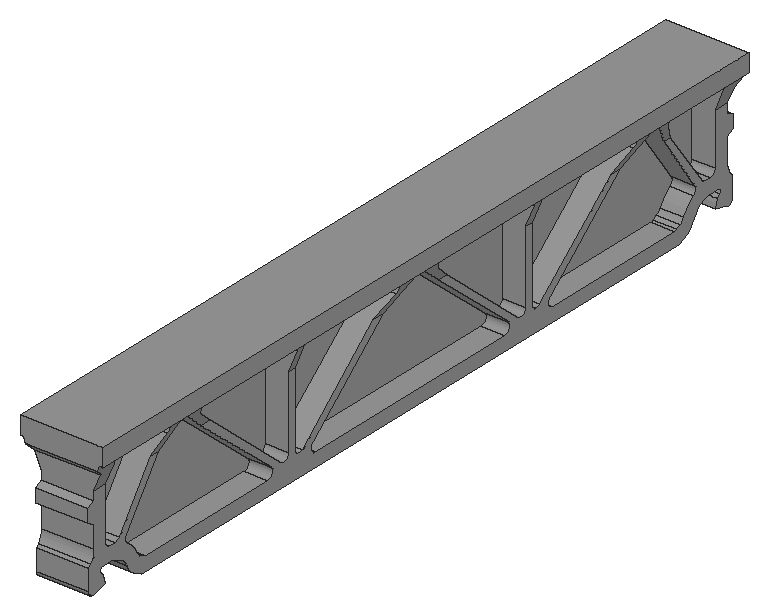
Revit family "CC4_TRANSVERSAL CC TE 0.75_1870040", category Generic Models, Revit 2018
Family settings
  Can host rebar = No
  Round Connector Dimension = Use Diameter
  Part Type = Normal
  OmniClass Number = 35.51.14.00
  OmniClass Title = FORMWORK
  Work Plane-Based = Yes
  Always vertical = No
  Cut with Voids When Loaded = No
  Shared = Yes
  Room Calculation Point = No
Parameters
  VERSION = "20190101"  # constant formula
  URL = "www.ulmaconstruction.com/en"
  UNICLASS = ""
  Manufacturer = "ULMA CONSTRUCTION"  # constant formula
  ITEM_CODE = "1870040"
  FILTER [instance] = ""
  Default Elevation = 0.000 mm
  CLASSIFICATION_TITLE = ""
  CLASSIFICATION_NUMBER = ""
Reference planes
  plane 1 "Centro (Frontal/Posterior)": y = 0
  plane 2: z = 0
  plane 3 "Centro (Izquierda/Derecha)": x = 0
  plane 4 "ITEM_LENGTH": y = 750
Forms (mm)
  Extrusion 1, solid, material "ULMA POLYPROPYLENE BLACK", detail levels fine
    sketch origin (0, 0, 0) x (1, 0, 0) y (0, 0, 1)
      loop
        line (-32.004, -15) -> (-22, -40.002) -> (-22, -125) -> (22, -125) -> (22, -40.002) -> (32.004, -15) -> (35, -15) -> (35, 0) -> (-35, 0) -> (-35, -15) -> (-32.004, -15)
    from -35 to -715
  Extrusion 2, void
    sketch origin (0, 1500, 0) x (0, 1, 0) y (0, 0, 1)
      loop
        line (-1446.75, -22) -> (-1446.75, -84)
        arc (-1446.75, -84) -> (-1445.286, -87.536) -> (-1441.75, -89) r 5
        line (-1441.75, -89) -> (-1435.881, -89)
        arc (-1435.881, -89) -> (-1433.573, -88.435) -> (-1431.786, -86.868) r 5
        line (-1431.786, -86.868) -> (-1388.373, -24.868)
        arc (-1388.373, -24.868) -> (-1388.033, -19.691) -> (-1392.468, -17) r 5
        line (-1392.468, -17) -> (-1441.75, -17)
        arc (-1441.75, -17) -> (-1445.286, -18.464) -> (-1446.75, -22) r 5
      loop
        line (-1378.893, -21.791) -> (-1425.046, -87.704)
        arc (-1425.046, -87.704) -> (-1425.872, -91.454) -> (-1423.795, -94.684) r 5
        arc (-1423.795, -94.684) -> (-1417.962, -99.878) -> (-1413.561, -106.332) r 32
        arc (-1413.561, -106.332) -> (-1411.91, -108.649) -> (-1409.674, -110.408) r 10
        line (-1409.674, -110.408) -> (-1406.344, -112.33)
        arc (-1406.344, -112.33) -> (-1405.138, -112.83) -> (-1403.844, -113) r 5
        line (-1403.844, -113) -> (-1274.968, -113)
        arc (-1274.968, -113) -> (-1270.282, -109.744) -> (-1271.699, -104.217) r 5
        line (-1271.699, -104.217) -> (-1368.583, -20.509)
        arc (-1368.583, -20.509) -> (-1374.023, -18.859) -> (-1378.893, -21.791) r 7
      loop
        line (-1353.301, -25.783) -> (-1261.269, -105.299)
        arc (-1261.269, -105.299) -> (-1255.92, -106.062) -> (-1253, -101.516) r 5
        line (-1253, -101.516) -> (-1253, -22)
        arc (-1253, -22) -> (-1254.464, -18.464) -> (-1258, -17) r 5
        line (-1258, -17) -> (-1350.032, -17)
        arc (-1350.032, -17) -> (-1354.718, -20.256) -> (-1353.301, -25.783) r 5
      loop
        line (-1103.301, -25.783) -> (-1011.269, -105.299)
        arc (-1011.269, -105.299) -> (-1005.92, -106.062) -> (-1003, -101.516) r 5
        line (-1003, -101.516) -> (-1003, -22)
        arc (-1003, -22) -> (-1004.464, -18.464) -> (-1008, -17) r 5
        line (-1008, -17) -> (-1100.032, -17)
        arc (-1100.032, -17) -> (-1104.718, -20.256) -> (-1103.301, -25.783) r 5
      loop
        arc (-803.25, -22) -> (-804.714, -18.464) -> (-808.25, -17) r 5
        line (-808.25, -17) -> (-857.532, -17)
        arc (-857.532, -17) -> (-861.967, -19.691) -> (-861.627, -24.868) r 5
        line (-861.627, -24.868) -> (-818.214, -86.868)
        arc (-818.214, -86.868) -> (-816.427, -88.435) -> (-814.119, -89) r 5
        line (-814.119, -89) -> (-808.25, -89)
        arc (-808.25, -89) -> (-804.714, -87.536) -> (-803.25, -84) r 5
        line (-803.25, -84) -> (-803.25, -22)
      loop
        arc (-871.107, -21.791) -> (-875.977, -18.859) -> (-881.417, -20.509) r 7
        line (-881.417, -20.509) -> (-978.301, -104.217)
        arc (-978.301, -104.217) -> (-979.718, -109.744) -> (-975.032, -113) r 5
        line (-975.032, -113) -> (-846.156, -113)
        arc (-846.156, -113) -> (-844.862, -112.83) -> (-843.656, -112.33) r 5
        line (-843.656, -112.33) -> (-840.326, -110.408)
        arc (-840.326, -110.408) -> (-838.09, -108.649) -> (-836.439, -106.332) r 10
        arc (-836.439, -106.332) -> (-832.038, -99.878) -> (-826.205, -94.684) r 32
        arc (-826.205, -94.684) -> (-824.128, -91.454) -> (-824.954, -87.704) r 5
        line (-824.954, -87.704) -> (-871.107, -21.791)
      loop
        arc (-896.699, -25.783) -> (-895.282, -20.256) -> (-899.968, -17) r 5
        line (-899.968, -17) -> (-992, -17)
        arc (-992, -17) -> (-995.536, -18.464) -> (-997, -22) r 5
        line (-997, -22) -> (-997, -101.516)
        arc (-997, -101.516) -> (-994.08, -106.062) -> (-988.731, -105.299) r 5
        line (-988.731, -105.299) -> (-896.699, -25.783)
      loop
        arc (-1146.699, -25.783) -> (-1145.282, -20.256) -> (-1149.968, -17) r 5
        line (-1149.968, -17) -> (-1242, -17)
        arc (-1242, -17) -> (-1245.536, -18.464) -> (-1247, -22) r 5
        line (-1247, -22) -> (-1247, -101.516)
        arc (-1247, -101.516) -> (-1244.08, -106.062) -> (-1238.731, -105.299) r 5
        line (-1238.731, -105.299) -> (-1146.699, -25.783)
      loop
        line (-1129.576, -18.919) -> (-1228.301, -104.217)
        arc (-1228.301, -104.217) -> (-1229.718, -109.744) -> (-1225.032, -113) r 5
        line (-1225.032, -113) -> (-1024.968, -113)
        arc (-1024.968, -113) -> (-1020.282, -109.744) -> (-1021.699, -104.217) r 5
        line (-1021.699, -104.217) -> (-1120.424, -18.919)
        arc (-1120.424, -18.919) -> (-1125, -17.216) -> (-1129.576, -18.919) r 7
    from 1.5 to 35
  Extrusion 3, void
    sketch origin (0, 750, 0) x (0, 1, 0) y (0, 0, 1)
      loop
        line (-708.75, -26.25) -> (-715, -20) -> (-717, -20) -> (-717, -127) -> (-658.399, -127) -> (-658.399, -125) -> (-666.189, -120.503)
        arc (-666.189, -120.503) -> (-670.762, -116.88) -> (-674.095, -112.091) r 20
        arc (-674.095, -112.091) -> (-681.47, -103.997) -> (-692.001, -101) r 20
        line (-692.001, -101) -> (-699.856, -101)
        arc (-699.856, -101) -> (-702.166, -102.543) -> (-701.624, -105.268) r 2.5
        line (-701.624, -105.268) -> (-699.091, -107.8)
        arc (-699.091, -107.8) -> (-697.924, -111.318) -> (-697.501, -115) r 18
        line (-697.501, -115) -> (-708.965, -118.072)
        arc (-708.965, -118.072) -> (-712.435, -117.381) -> (-714, -114.208) r 4
        line (-714, -114.208) -> (-714, -96.421) -> (-711.759, -93.751)
        arc (-711.759, -93.751) -> (-709.155, -89.239) -> (-708.25, -84.109) r 15
        line (-708.25, -84.109) -> (-708.25, -65.553) -> (-714.75, -61.8) -> (-714.75, -50.8) -> (-708.75, -47.336) -> (-708.75, -26.25)
    from -35 to 35
  Extrusion 4, void
    sketch origin (0, 0, 0) x (0, -1, 0) y (0, 0, -1)
      loop
        line (-708.75, 26.25) -> (-708.75, 47.336) -> (-714.75, 50.8) -> (-714.75, 61.8) -> (-708.25, 65.553) -> (-708.25, 84.109)
        arc (-708.25, 84.109) -> (-709.155, 89.239) -> (-711.759, 93.751) r 15
        line (-711.759, 93.751) -> (-714, 96.421) -> (-714, 114.208)
        arc (-714, 114.208) -> (-712.435, 117.381) -> (-708.965, 118.072) r 4
        line (-708.965, 118.072) -> (-697.501, 115)
        arc (-697.501, 115) -> (-697.924, 111.318) -> (-699.091, 107.8) r 18
        line (-699.091, 107.8) -> (-701.624, 105.268)
        arc (-701.624, 105.268) -> (-702.166, 102.543) -> (-699.856, 101) r 2.5
        line (-699.856, 101) -> (-692.001, 101)
        arc (-692.001, 101) -> (-681.47, 103.997) -> (-674.095, 112.091) r 20
        arc (-674.095, 112.091) -> (-670.762, 116.88) -> (-666.189, 120.503) r 20
        line (-666.189, 120.503) -> (-658.399, 125) -> (-658.399, 127) -> (-717, 127) -> (-717, 20) -> (-715, 20) -> (-708.75, 26.25)
    from -35 to 35
  Extrusion 5, solid, material "ULMA POLYPROPYLENE BLACK", detail levels medium
    sketch origin (0, 0, 0) x (1, 0, 0) y (0, 0, 1)
      loop
        line (-35, 0) -> (-35, -125) -> (35, -125) -> (35, 0) -> (-35, 0)
    from -715 to -35
  Extrusion 6, void
    sketch origin (0, 1500, 0) x (0, 1, 0) y (0, 0, -1)
      loop
        arc (-1446.75, 22) -> (-1445.286, 18.464) -> (-1441.75, 17) r 5
        line (-1441.75, 17) -> (-1392.468, 17)
        arc (-1392.468, 17) -> (-1388.033, 19.691) -> (-1388.373, 24.868) r 5
        line (-1388.373, 24.868) -> (-1431.786, 86.868)
        arc (-1431.786, 86.868) -> (-1433.573, 88.435) -> (-1435.881, 89) r 5
        line (-1435.881, 89) -> (-1441.75, 89)
        arc (-1441.75, 89) -> (-1445.286, 87.536) -> (-1446.75, 84) r 5
        line (-1446.75, 84) -> (-1446.75, 22)
      loop
        arc (-1378.893, 21.791) -> (-1374.023, 18.859) -> (-1368.583, 20.509) r 7
        line (-1368.583, 20.509) -> (-1271.699, 104.217)
        arc (-1271.699, 104.217) -> (-1270.282, 109.744) -> (-1274.968, 113) r 5
        line (-1274.968, 113) -> (-1403.844, 113)
        arc (-1403.844, 113) -> (-1405.138, 112.83) -> (-1406.344, 112.33) r 5
        line (-1406.344, 112.33) -> (-1409.674, 110.408)
        arc (-1409.674, 110.408) -> (-1411.91, 108.649) -> (-1413.561, 106.332) r 10
        arc (-1413.561, 106.332) -> (-1417.962, 99.878) -> (-1423.795, 94.684) r 32
        arc (-1423.795, 94.684) -> (-1425.872, 91.454) -> (-1425.046, 87.704) r 5
        line (-1425.046, 87.704) -> (-1378.893, 21.791)
      loop
        arc (-1353.301, 25.783) -> (-1354.718, 20.256) -> (-1350.032, 17) r 5
        line (-1350.032, 17) -> (-1258, 17)
        arc (-1258, 17) -> (-1254.464, 18.464) -> (-1253, 22) r 5
        line (-1253, 22) -> (-1253, 101.516)
        arc (-1253, 101.516) -> (-1255.92, 106.062) -> (-1261.269, 105.299) r 5
        line (-1261.269, 105.299) -> (-1353.301, 25.783)
      loop
        arc (-1103.301, 25.783) -> (-1104.718, 20.256) -> (-1100.032, 17) r 5
        line (-1100.032, 17) -> (-1008, 17)
        arc (-1008, 17) -> (-1004.464, 18.464) -> (-1003, 22) r 5
        line (-1003, 22) -> (-1003, 101.516)
        arc (-1003, 101.516) -> (-1005.92, 106.062) -> (-1011.269, 105.299) r 5
        line (-1011.269, 105.299) -> (-1103.301, 25.783)
      loop
        line (-803.25, 22) -> (-803.25, 84)
        arc (-803.25, 84) -> (-804.714, 87.536) -> (-808.25, 89) r 5
        line (-808.25, 89) -> (-814.119, 89)
        arc (-814.119, 89) -> (-816.427, 88.435) -> (-818.214, 86.868) r 5
        line (-818.214, 86.868) -> (-861.627, 24.868)
        arc (-861.627, 24.868) -> (-861.967, 19.691) -> (-857.532, 17) r 5
        line (-857.532, 17) -> (-808.25, 17)
        arc (-808.25, 17) -> (-804.714, 18.464) -> (-803.25, 22) r 5
      loop
        line (-871.107, 21.791) -> (-824.954, 87.704)
        arc (-824.954, 87.704) -> (-824.128, 91.454) -> (-826.205, 94.684) r 5
        arc (-826.205, 94.684) -> (-832.038, 99.878) -> (-836.439, 106.332) r 32
        arc (-836.439, 106.332) -> (-838.09, 108.649) -> (-840.326, 110.408) r 10
        line (-840.326, 110.408) -> (-843.656, 112.33)
        arc (-843.656, 112.33) -> (-844.862, 112.83) -> (-846.156, 113) r 5
        line (-846.156, 113) -> (-975.032, 113)
        arc (-975.032, 113) -> (-979.718, 109.744) -> (-978.301, 104.217) r 5
        line (-978.301, 104.217) -> (-881.417, 20.509)
        arc (-881.417, 20.509) -> (-875.977, 18.859) -> (-871.107, 21.791) r 7
      loop
        line (-896.699, 25.783) -> (-988.731, 105.299)
        arc (-988.731, 105.299) -> (-994.08, 106.062) -> (-997, 101.516) r 5
        line (-997, 101.516) -> (-997, 22)
        arc (-997, 22) -> (-995.536, 18.464) -> (-992, 17) r 5
        line (-992, 17) -> (-899.968, 17)
        arc (-899.968, 17) -> (-895.282, 20.256) -> (-896.699, 25.783) r 5
      loop
        line (-1146.699, 25.783) -> (-1238.731, 105.299)
        arc (-1238.731, 105.299) -> (-1244.08, 106.062) -> (-1247, 101.516) r 5
        line (-1247, 101.516) -> (-1247, 22)
        arc (-1247, 22) -> (-1245.536, 18.464) -> (-1242, 17) r 5
        line (-1242, 17) -> (-1149.968, 17)
        arc (-1149.968, 17) -> (-1145.282, 20.256) -> (-1146.699, 25.783) r 5
      loop
        arc (-1129.576, 18.919) -> (-1125, 17.216) -> (-1120.424, 18.919) r 7
        line (-1120.424, 18.919) -> (-1021.699, 104.217)
        arc (-1021.699, 104.217) -> (-1020.282, 109.744) -> (-1024.968, 113) r 5
        line (-1024.968, 113) -> (-1225.032, 113)
        arc (-1225.032, 113) -> (-1229.718, 109.744) -> (-1228.301, 104.217) r 5
        line (-1228.301, 104.217) -> (-1129.576, 18.919)
    from 1.5 to 35
Cuts and joins
  Extrusion 2, Extrusion 3, Extrusion 4, Extrusion 6 cuts Extrusion 1
Lines and regions (mm)
  model lines, style "ULMA TRANSVERSAL CC TE", detail levels coarse
    curve 1: line (0, 660, 0) -> (0, 90, 0)
Dimensions and locks
  locked: plane 4 "ITEM_LENGTH" to plane 1 "Centro (Frontal/Posterior)" at 750
  aligned and locked: level to plane 2
